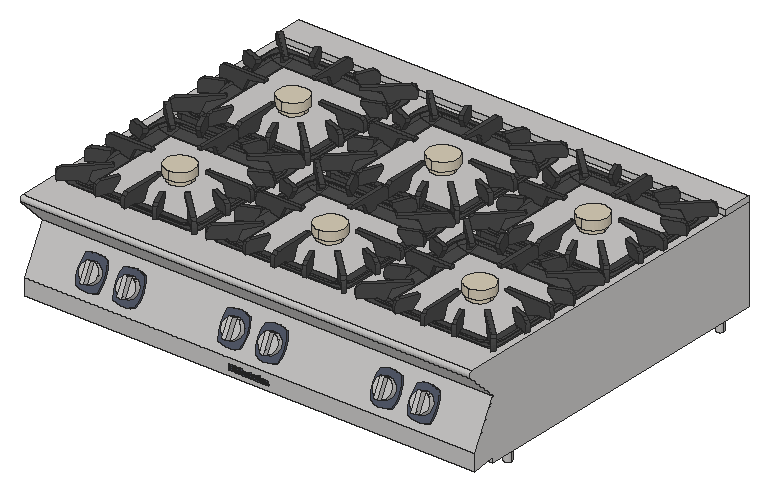
Revit family "QF_ELECTROLUXPROFESSIONAL_391196_E9GCTL6C0M", category Specialty Equipment, Revit 2018 (continued)
Definition of nested family "371009_BURNER"
  Forms (mm)
    Sweep 4, solid
      profile origin (201.328, -92.479, 0) x (0, -1, 0) y (0, 0, 1)
        loop
          line (10, 850.85) -> (10, 832.622) -> (48.75, 832.622) -> (48.75, 838.044) -> (19.596, 845.33) -> (15.145, 850.85) -> (10, 850.85)
    Extrusion 5, solid
      sketch origin (429.181, -89.806, 5) x (0.000597, -1, 0) y (0, 0, 1)
        loop
          arc (366.059, 845.85) -> (367.601, 860.131) -> (364.318, 874.114) r 42.669
          line (364.318, 874.114) -> (355.039, 879.425) -> (249.476, 879.425)
          arc (249.476, 879.425) -> (246.207, 876.242) -> (249.302, 872.889) r 3.27
          line (249.302, 872.889) -> (291.617, 865.249) -> (303.633, 836.503) -> (325.334, 840.33) -> (331.642, 845.85) -> (366.059, 845.85)
      from 224.564 to 234.564
    Extrusion 6, solid
      sketch origin (25.754, -41.087, 5) x (0.999999, 0.001195, 0) y (0, 0, 1)
        loop
          arc (366.059, 845.85) -> (367.601, 860.131) -> (364.318, 874.114) r 42.669
          line (364.318, 874.114) -> (355.039, 879.425) -> (249.476, 879.425)
          arc (249.476, 879.425) -> (246.207, 876.242) -> (249.302, 872.889) r 3.27
          line (249.302, 872.889) -> (291.617, 865.249) -> (303.633, 836.503) -> (325.334, 840.33) -> (331.642, 845.85) -> (366.059, 845.85)
      from 224.564 to 234.564
    Extrusion 7, solid
      sketch origin (-28.973, -447.047, 5) x (-0.001792, 0.999998, 0) y (0, 0, 1)
        loop
          arc (366.059, 845.85) -> (367.601, 860.131) -> (364.318, 874.114) r 42.669
          line (364.318, 874.114) -> (355.039, 879.425) -> (249.476, 879.425)
          arc (249.476, 879.425) -> (246.207, 876.242) -> (249.302, 872.889) r 3.27
          line (249.302, 872.889) -> (291.617, 865.249) -> (303.633, 836.503) -> (325.334, 840.33) -> (331.642, 845.85) -> (366.059, 845.85)
      from 224.564 to 234.564
    Extrusion 8, solid
      sketch origin (113.94, -507.848, 5) x (-0.708584, 0.705627, 0) y (0, 0, 1)
        loop
          arc (366.059, 845.85) -> (367.601, 860.131) -> (364.318, 874.114) r 42.669
          line (364.318, 874.114) -> (355.039, 879.425) -> (249.476, 879.425)
          arc (249.476, 879.425) -> (246.207, 876.242) -> (249.302, 872.889) r 3.27
          line (249.302, 872.889) -> (291.617, 865.249) -> (303.633, 836.503) -> (325.334, 840.33) -> (331.642, 845.85) -> (366.059, 845.85)
      from 224.564 to 234.564
    Extrusion 9, solid
      sketch origin (286.06, -507.848, 5) x (0.708584, 0.705627, 0) y (0, 0, -1)
        loop
          line (366.059, -845.85) -> (331.642, -845.85) -> (325.334, -840.33) -> (303.633, -836.503) -> (291.617, -865.249) -> (249.302, -872.889)
          arc (249.302, -872.889) -> (246.207, -876.242) -> (249.476, -879.425) r 3.27
          line (249.476, -879.425) -> (355.039, -879.425) -> (364.318, -874.114)
          arc (364.318, -874.114) -> (367.601, -860.131) -> (366.059, -845.85) r 42.669
      from 224.564 to 234.564
    Extrusion 10, solid
      sketch origin (113.94, -32.481, 5) x (-0.708584, -0.705627, 0) y (0, 0, -1)
        loop
          line (366.059, -845.85) -> (331.642, -845.85) -> (325.334, -840.33) -> (303.633, -836.503) -> (291.617, -865.249) -> (249.302, -872.889)
          arc (249.302, -872.889) -> (246.207, -876.242) -> (249.476, -879.425) r 3.27
          line (249.476, -879.425) -> (355.039, -879.425) -> (364.318, -874.114)
          arc (364.318, -874.114) -> (367.601, -860.131) -> (366.059, -845.85) r 42.669
      from 224.564 to 234.564
    Extrusion 11, solid
      sketch origin (286.06, -32.481, 5) x (0.708584, -0.705627, 0) y (0, 0, 1)
        loop
          arc (366.059, 845.85) -> (367.601, 860.131) -> (364.318, 874.114) r 42.669
          line (364.318, 874.114) -> (355.039, 879.425) -> (249.476, 879.425)
          arc (249.476, 879.425) -> (246.207, 876.242) -> (249.302, 872.889) r 3.27
          line (249.302, 872.889) -> (291.617, 865.249) -> (303.633, 836.503) -> (325.334, 840.33) -> (331.642, 845.85) -> (366.059, 845.85)
      from 224.564 to 234.564
    Extrusion 12, solid
      sketch origin (0.715, -325.908, 5) x (0.919932, -0.392078, 0) y (0, 0, -1)
        loop
          line (310.039, -879.425) -> (355.039, -879.425) -> (364.373, -873.861)
          arc (364.373, -873.861) -> (367.737, -860.025) -> (366.381, -845.85) r 42.845
          line (366.381, -845.85) -> (331.194, -845.85) -> (328.726, -843.704) -> (310.039, -869.425) -> (310.039, -879.425)
      from 127.064 to 137.064
    Extrusion 13, solid
      sketch origin (0.715, -214.42, 5) x (0.919932, 0.392078, 0) y (0, 0, 1)
        loop
          line (310.039, 879.425) -> (310.039, 869.425) -> (328.726, 843.704) -> (331.194, 845.85) -> (366.381, 845.85)
          arc (366.381, 845.85) -> (367.737, 860.025) -> (364.373, 873.861) r 42.845
          line (364.373, 873.861) -> (355.039, 879.425) -> (310.039, 879.425)
      from 127.064 to 137.064
    Extrusion 14, solid
      sketch origin (399.285, -325.908, 5) x (-0.919932, -0.392078, 0) y (0, 0, 1)
        loop
          line (310.039, 879.425) -> (310.039, 869.425) -> (328.726, 843.704) -> (331.194, 845.85) -> (366.381, 845.85)
          arc (366.381, 845.85) -> (367.737, 860.025) -> (364.373, 873.861) r 42.845
          line (364.373, 873.861) -> (355.039, 879.425) -> (310.039, 879.425)
      from 127.064 to 137.064
    Extrusion 15, solid
      sketch origin (399.285, -214.42, 5) x (-0.919932, 0.392078, 0) y (0, 0, -1)
        loop
          line (310.039, -879.425) -> (355.039, -879.425) -> (364.373, -873.861)
          arc (364.373, -873.861) -> (367.737, -860.025) -> (366.381, -845.85) r 42.845
          line (366.381, -845.85) -> (331.194, -845.85) -> (328.726, -843.704) -> (310.039, -869.425) -> (310.039, -879.425)
      from 127.064 to 137.064
    Extrusion 16, solid
      sketch origin (142.262, -474.771, 5) x (-0.392078, 0.919932, 0) y (0, 0, 1)
        loop
          line (310.039, 879.425) -> (310.039, 869.425) -> (328.726, 843.704) -> (331.194, 845.85) -> (366.381, 845.85)
          arc (366.381, 845.85) -> (367.737, 860.025) -> (364.373, 873.861) r 42.845
          line (364.373, 873.861) -> (355.039, 879.425) -> (310.039, 879.425)
      from 127.064 to 137.064
    Extrusion 17, solid
      sketch origin (257.738, -474.771, 5) x (0.392078, 0.919932, 0) y (0, 0, -1)
        loop
          line (310.039, -879.425) -> (355.039, -879.425) -> (364.373, -873.861)
          arc (364.373, -873.861) -> (367.737, -860.025) -> (366.381, -845.85) r 42.845
          line (366.381, -845.85) -> (331.194, -845.85) -> (328.726, -843.704) -> (310.039, -869.425) -> (310.039, -879.425)
      from 127.064 to 137.064
    Extrusion 18, solid
      sketch origin (142.262, -65.558, 5) x (-0.392078, -0.919932, 0) y (0, 0, -1)
        loop
          line (310.039, -879.425) -> (355.039, -879.425) -> (364.373, -873.861)
          arc (364.373, -873.861) -> (367.737, -860.025) -> (366.381, -845.85) r 42.845
          line (366.381, -845.85) -> (331.194, -845.85) -> (328.726, -843.704) -> (310.039, -869.425) -> (310.039, -879.425)
      from 127.064 to 137.064
    Extrusion 19, solid
      sketch origin (257.738, -65.558, 5) x (0.392078, -0.919932, 0) y (0, 0, 1)
        loop
          line (310.039, 879.425) -> (310.039, 869.425) -> (328.726, 843.704) -> (331.194, 845.85) -> (366.381, 845.85)
          arc (366.381, 845.85) -> (367.737, 860.025) -> (364.373, 873.861) r 42.845
          line (364.373, 873.861) -> (355.039, 879.425) -> (310.039, 879.425)
      from 127.064 to 137.064
    Extrusion 20, void
      sketch origin (0, 0, 0) x (1, 0, 0) y (0, 1, 0)
        loop
          circle (200, -270.164) r 30.752
        loop
          circle (200, -270.164) r 41.586
      from 837.85 to 850.85
  Cuts and joins
    Extrusion 20 cuts Extrusion 2
  Lines and regions (mm)
    symbolic lines
      curve 1: line (195, -78.952, 0) -> (195, -199.886, 0)
      curve 2: line (205, -199.886, 0) -> (205, -78.952, 0)
      curve 3: line (381.096, -81.997, 0) -> (293.175, -169.918, 0)
      curve 4: line (300.246, -176.989, 0) -> (388.167, -89.068, 0)
      curve 5: line (389.433, -186.871, 0) -> (335.749, -209.751, 0)
      curve 6: line (339.669, -218.951, 0) -> (393.354, -196.07, 0)
      curve 7: line (262.407, -139.737, 0) -> (285.28, -86.07, 0)
      curve 8: line (276.081, -82.15, 0) -> (253.208, -135.817, 0)
      curve 9: line (146.792, -135.817, 0) -> (123.942, -82.203, 0)
      curve 10: line (114.743, -86.124, 0) -> (137.593, -139.737, 0)
      curve 11: line (106.825, -169.918, 0) -> (18.591, -81.685, 0)
      curve 12: line (11.52, -88.756, 0) -> (99.754, -176.989, 0)
      curve 13: arc (46.589, -92.479, 0) -> (39.644, -93.463, 0) -> (33.245, -96.338, 0) r 25
      curve 14: arc (21.69, -116.753, 0) -> (22.738, -109.591, 0) -> (25.794, -103.029, 0) r 25
      curve 15: line (46.589, -92.479, 0) -> (117.451, -92.479, 0)
      curve 16: line (128.322, -92.479, 0) -> (195, -92.479, 0)
      curve 17: line (205, -92.479, 0) -> (271.678, -92.479, 0)
      curve 18: line (282.549, -92.479, 0) -> (356.067, -92.479, 0)
      curve 19: arc (367.728, -95.365, 0) -> (362.073, -93.211, 0) -> (356.067, -92.479, 0) r 25
      curve 20: arc (381.067, -117.479, 0) -> (379.632, -109.132, 0) -> (375.493, -101.743, 0) r 25
      curve 21: line (11.52, -88.756, 0) -> (18.591, -81.685, 0)
      curve 22: line (99.754, -176.989, 0) -> (106.825, -169.918, 0)
      curve 23: line (137.593, -139.737, 0) -> (146.792, -135.817, 0)
      curve 24: line (114.743, -86.124, 0) -> (123.942, -82.203, 0)
      curve 25: line (195, -78.952, 0) -> (205, -78.952, 0)
      curve 26: line (195, -199.886, 0) -> (205, -199.886, 0)
      curve 27: line (276.081, -82.15, 0) -> (285.28, -86.07, 0)
      curve 28: line (253.208, -135.817, 0) -> (262.407, -139.737, 0)
      curve 29: line (293.175, -169.918, 0) -> (300.246, -176.989, 0)
      curve 30: line (381.096, -81.997, 0) -> (388.167, -89.068, 0)
      curve 31: line (335.749, -209.751, 0) -> (339.669, -218.951, 0)
      curve 32: line (389.433, -186.871, 0) -> (393.354, -196.07, 0)
      curve 33: line (10.567, -186.871, 0) -> (64.251, -209.751, 0)
      curve 34: line (60.331, -218.951, 0) -> (6.646, -196.07, 0)
      curve 35: line (64.251, -209.751, 0) -> (60.331, -218.951, 0)
      curve 36: line (10.567, -186.871, 0) -> (6.646, -196.07, 0)
      curve 37: line (21.69, -264.886, 0) -> (21.69, -202.482, 0)
      curve 38: line (21.589, -191.568, 0) -> (21.589, -117.479, 0)
      curve 39: line (194.687, -457.85, 0) -> (194.687, -336.281, 0)
      curve 40: line (205, -336.281, 0) -> (205, -457.85, 0)
      curve 41: line (381.409, -458.644, 0) -> (293.175, -370.411, 0)
      curve 42: line (300.246, -363.34, 0) -> (388.48, -451.573, 0)
      curve 43: line (389.433, -353.458, 0) -> (335.749, -330.578, 0)
      curve 44: line (339.669, -321.378, 0) -> (393.354, -344.259, 0)
      curve 45: line (262.407, -400.591, 0) -> (285.276, -454.249, 0)
      curve 46: line (276.077, -458.17, 0) -> (253.208, -404.512, 0)
      curve 47: line (146.792, -404.512, 0) -> (123.794, -458.473, 0)
      curve 48: line (114.594, -454.553, 0) -> (137.593, -400.591, 0)
      curve 49: line (106.825, -370.411, 0) -> (18.591, -458.644, 0)
      curve 50: line (11.52, -451.573, 0) -> (99.754, -363.34, 0)
      curve 51: arc (46.589, -447.85, 0) -> (39.644, -446.865, 0) -> (33.245, -443.99, 0) r 25
      curve 52: arc (21.69, -423.575, 0) -> (22.738, -430.738, 0) -> (25.794, -437.3, 0) r 25
      curve 53: line (46.589, -447.85, 0) -> (117.451, -447.85, 0)
      curve 54: line (128.322, -447.85, 0) -> (194.687, -447.85, 0)
      curve 55: line (205, -447.85, 0) -> (271.678, -447.85, 0)
      curve 56: line (282.549, -447.85, 0) -> (356.067, -447.85, 0)
      curve 57: arc (367.728, -444.963, 0) -> (362.073, -447.117, 0) -> (356.067, -447.85, 0) r 25
      curve 58: arc (381.067, -422.85, 0) -> (379.632, -431.197, 0) -> (375.493, -438.586, 0) r 25
      curve 59: line (11.52, -451.573, 0) -> (18.591, -458.644, 0)
      curve 60: line (99.754, -363.34, 0) -> (106.825, -370.411, 0)
      curve 61: line (137.593, -400.591, 0) -> (146.792, -404.512, 0)
      curve 62: line (114.594, -454.553, 0) -> (123.794, -458.473, 0)
      curve 63: line (194.687, -457.85, 0) -> (205, -457.85, 0)
      curve 64: line (194.687, -336.281, 0) -> (205, -336.281, 0)
      curve 65: line (276.077, -458.17, 0) -> (285.276, -454.249, 0)
      curve 66: line (253.208, -404.512, 0) -> (262.407, -400.591, 0)
      curve 67: line (293.175, -370.411, 0) -> (300.246, -363.34, 0)
      curve 68: line (381.409, -458.644, 0) -> (388.48, -451.573, 0)
      curve 69: line (335.749, -330.578, 0) -> (339.669, -321.378, 0)
      curve 70: line (389.433, -353.458, 0) -> (393.354, -344.259, 0)
      curve 71: line (10.548, -353.466, 0) -> (64.251, -330.578, 0)
      curve 72: line (60.331, -321.378, 0) -> (6.627, -344.267, 0)
      curve 73: line (64.251, -330.578, 0) -> (60.331, -321.378, 0)
      curve 74: line (10.548, -353.466, 0) -> (6.627, -344.267, 0)
      curve 75: line (21.69, -274.886, 0) -> (21.69, -337.847, 0)
      curve 76: line (21.589, -348.76, 0) -> (21.589, -422.85, 0)
      curve 77: line (127.734, -264.886, 0) -> (5.712, -264.886, 0)
      curve 78: line (5.712, -274.886, 0) -> (127.734, -274.886, 0)
      curve 79: line (5.712, -264.886, 0) -> (5.712, -274.886, 0)
      curve 80: line (127.734, -264.886, 0) -> (127.734, -274.886, 0)
      curve 81: line (381.067, -117.479, 0) -> (381.067, -190.436, 0)
      curve 82: line (381.066, -201.307, 0) -> (381.066, -267.386, 0)
      curve 83: line (381.067, -277.386, 0) -> (381.067, -339.022, 0)
      curve 84: line (381.067, -349.892, 0) -> (381.067, -422.85, 0)
      curve 85: arc (199.385, -308.177, 0) -> (237.397, -270.164, 0) -> (199.385, -232.152, 0) r 38.013
      curve 86: arc (199.385, -232.152, 0) -> (161.372, -270.164, 0) -> (199.385, -308.177, 0) r 38.013
      curve 87: arc (121.795, -264.886, 0) -> (142.994, -211.615, 0) -> (195, -187.476, 0) r 77.53
      curve 88: arc (205, -187.594, 0) -> (256.096, -212.13, 0) -> (276.824, -264.886, 0) r 77.5
      curve 89: line (121.824, -274.886, 0) -> (121.824, -421.795, 0)
      curve 90: line (278.176, -274.886, 0) -> (278.176, -421.795, 0)
      curve 91: line (251.176, -269.953, 0) -> (251.176, -421.795, 0)
      curve 92: line (148.824, -269.953, 0) -> (148.824, -421.795, 0)
      curve 93: arc (251.176, -269.953, 0) -> (200, -218.777, 0) -> (148.824, -269.953, 0) r 51.176
      curve 94: arc (205, -386.627, 0) -> (225, -362.132, 0) -> (205, -337.637, 0) r 25
      curve 95: line (162.157, -277.847, 0) -> (162.157, -421.795, 0)
      curve 96: line (272.266, -264.886, 0) -> (394.288, -264.886, 0)
      curve 97: line (394.288, -274.886, 0) -> (272.266, -274.886, 0)
      curve 98: line (394.288, -264.886, 0) -> (394.288, -274.886, 0)
      curve 99: line (272.266, -264.886, 0) -> (272.266, -274.886, 0)
      curve 100: arc (194.687, -337.703, 0) -> (175, -362.132, 0) -> (194.687, -386.561, 0) r 25
      curve 101: line (236.593, -277.847, 0) -> (236.593, -421.795, 0)
      curve 102: line (70.339, -392.754, 0) -> (70.339, -274.886, 0)
      curve 103: line (69.783, -264.886, 0) -> (69.783, -147.018, 0)
      curve 104: line (78.136, -141.229, 0) -> (195, -141.229, 0)
      curve 105: line (205, -141.229, 0) -> (321.864, -141.229, 0)
      curve 106: line (332.317, -144.919, 0) -> (332.317, -395.41, 0)
      curve 107: arc (48.638, -142.479, 0) -> (49.625, -135.821, 0) -> (52.501, -129.736, 0) r 22.951
      curve 108: line (71.589, -119.528, 0) -> (128.98, -119.528, 0)
      curve 109: line (48.638, -398.844, 0) -> (48.638, -337.232, 0)
      curve 110: line (354.018, -142.479, 0) -> (354.018, -268.844, 0)
      curve 111: arc (331.067, -119.528, 0) -> (336.271, -120.126, 0) -> (341.205, -121.889, 0) r 22.951
      curve 112: line (331.067, -421.795, 0) -> (271.444, -421.795, 0)
      curve 113: arc (71.589, -421.795, 0) -> (65.089, -420.856, 0) -> (59.122, -418.114, 0) r 22.951
      curve 114: arc (354.018, -398.844, 0) -> (352.851, -406.07, 0) -> (349.468, -412.561, 0) r 22.951
      curve 115: arc (341.862, -419.098, 0) -> (336.631, -421.111, 0) -> (331.067, -421.795, 0) r 22.951
      curve 116: line (354.018, -333.844, 0) -> (354.018, -398.844, 0)
      curve 117: line (354.018, -268.844, 0) -> (354.018, -333.844, 0)
      curve 118: line (260.574, -421.795, 0) -> (205, -421.795, 0)
      curve 119: line (194.687, -421.795, 0) -> (139.426, -421.795, 0)
      curve 120: line (128.556, -421.795, 0) -> (71.589, -421.795, 0)
      curve 121: arc (52.111, -410.983, 0) -> (49.523, -405.157, 0) -> (48.638, -398.844, 0) r 22.951
      curve 122: line (48.638, -326.362, 0) -> (48.638, -274.886, 0)
      curve 123: line (48.638, -264.886, 0) -> (48.638, -213.967, 0)
      curve 124: line (48.638, -203.097, 0) -> (48.638, -142.479, 0)
      curve 125: arc (59.734, -122.827, 0) -> (65.436, -120.368, 0) -> (71.589, -119.528, 0) r 22.951
      curve 126: line (139.85, -119.528, 0) -> (195, -119.528, 0)
      curve 127: line (205, -119.528, 0) -> (260.15, -119.528, 0)
      curve 128: line (271.02, -119.528, 0) -> (331.067, -119.528, 0)
      curve 129: arc (349.035, -128.2, 0) -> (352.736, -134.918, 0) -> (354.018, -142.479, 0) r 22.951
  Dimensions and locks
    equal spacing: plane 3 "LEFT", plane 7 "Center Y", plane 4 "RIGHT"
    plane 3 "LEFT" to plane 4 "RIGHT" = 800.000 mm
    equal spacing: plane 5 "FRONT", plane 8 "Center X", plane 1 "BACK"
    plane 5 "FRONT" to plane 1 "BACK" = 746.000 mm
    plane 6 "TOP" to level = 908.850 mm
    plane 9 "Base" to level = 150.000 mm
    plane 6 "TOP" to plane 10 = 58.000 mm  (x2)
    Extrusion 1 to Extrusion 8 = 13.000 mm
    aligned and locked: level to plane 2
    aligned and locked: plane 10 to Extrusion 20
    aligned and locked: Extrusion 20 to Extrusion 2
    aligned and locked: Extrusion 16 to plane 10
    aligned and locked: Extrusion 7 to plane 10
    aligned and locked: Extrusion 17 to plane 10
    aligned and locked: Extrusion 9 to plane 10
    aligned and locked: plane 10 to Extrusion 1
    aligned and locked: Extrusion 10 to plane 10
    aligned and locked: Extrusion 18 to Extrusion 10
    aligned and locked: Extrusion 5 to Extrusion 1
    aligned and locked: Extrusion 19 to Extrusion 1
    aligned and locked: Extrusion 11 to Extrusion 10
    aligned and locked: Extrusion 14 to plane 10
    aligned and locked: Extrusion 12 to Extrusion 1
    aligned and locked: Extrusion 15 to Extrusion 1
    aligned and locked: Extrusion 3 to plane 10
    aligned and locked: Extrusion 6 to plane 10
  Automatic sketch dimensions
    Extrusion 1 sketch curve to plane 13 = 20.000 mm  (x2)
    plane 1 "BACK" to Extrusion 1 sketch curve = 92.479 mm
    Extrusion 1 sketch curve to Extrusion 1 sketch curve = 10.000 mm
    Extrusion 1 sketch curve to plane 7 "Center Y" = 18.933 mm
    Extrusion 1 sketch curve to Extrusion 1 sketch curve = 25.000 mm  (x6)
    plane 13 to Extrusion 1 sketch curve = 5.000 mm
    Extrusion 1 sketch curve to plane 13 = 5.000 mm
    Extrusion 1 sketch curve to plane 8 "Center X" = 25.844 mm  (x2)
    Extrusion 1 sketch curve to Extrusion 1 sketch curve = 15.000 mm
    plane 15 to Extrusion 2 sketch curve = 0.000 mm
    Extrusion 2 sketch curve to plane 12 = 0.615 mm
    plane 10 to Extrusion 3 sketch curve = 27.039 mm
    Extrusion 3 sketch curve to plane 12 = 75.331 mm
    Extrusion 3 sketch curve to Extrusion 3 sketch curve = 0.174 mm
    plane 10 to Extrusion 3 sketch curve = 19.399 mm
    Extrusion 3 sketch curve to Extrusion 3 sketch curve = 42.315 mm
    plane 17 to Extrusion 3 sketch curve = 3.653 mm
    Extrusion 3 sketch curve to Extrusion 3 sketch curve = 12.015 mm
    Extrusion 3 sketch curve to plane 10 = 5.520 mm
    Extrusion 3 sketch curve to Extrusion 3 sketch curve = 21.701 mm
    Extrusion 3 sketch curve to Extrusion 3 sketch curve = 0.321 mm
    plane 10 to Extrusion 3 sketch curve = 0.000 mm
    Extrusion 3 sketch curve to plane 13 = 15.740 mm
    plane 13 to Extrusion 3 sketch curve = 7.656 mm
    plane 3 "LEFT" to Extrusion 3 sketch curve = 9.654 mm
    plane 3 "LEFT" to Extrusion 3 sketch curve = 7.913 mm
    plane 10 to Extrusion 3 sketch curve = 11.657 mm
    Extrusion 3 sketch curve to Extrusion 3 sketch curve = 3.266 mm
    plane 13 to Sweep 4 sketch curve = 5.000 mm
    Sweep 4 sketch curve to plane 13 = 45.000 mm  (x2)
    Sweep 4 sketch curve to plane 7 "Center Y" = 68.933 mm  (x2)
    Sweep 4 sketch curve to plane 7 "Center Y" = 18.933 mm
    Sweep 4 sketch curve to plane 8 "Center X" = 75.844 mm
    Sweep 4 sketch curve to plane 15 = 127.685 mm
    Sweep 4 sketch curve to profile plane = 10.000 mm
    Sweep 4 sketch curve to Sweep 4 sketch curve = 5.145 mm
    Sweep 4 sketch curve to Sweep 4 sketch curve = 4.452 mm
    Sweep 4 sketch curve to Sweep 4 sketch curve = 29.154 mm
    level to Sweep 4 sketch curve = 832.622 mm
    Sweep 4 sketch curve to Sweep 4 sketch curve = 5.422 mm
    Sweep 4 sketch curve to Sweep 4 sketch curve = 12.707 mm
    Sweep 4 sketch curve to Sweep 4 sketch curve = 18.228 mm
    plane 10 to Extrusion 5 sketch curve = 27.039 mm
    Extrusion 5 sketch curve to Extrusion 5 sketch curve = 0.174 mm
    plane 10 to Extrusion 5 sketch curve = 19.399 mm
    Extrusion 5 sketch curve to Extrusion 5 sketch curve = 42.315 mm
    plane 17 to Extrusion 5 sketch curve = 3.653 mm
    Extrusion 5 sketch curve to Extrusion 5 sketch curve = 12.015 mm
    Extrusion 5 sketch curve to plane 10 = 5.520 mm
    Extrusion 5 sketch curve to Extrusion 5 sketch curve = 21.701 mm
    Extrusion 5 sketch curve to Extrusion 5 sketch curve = 0.321 mm
    plane 10 to Extrusion 5 sketch curve = 0.000 mm
    Extrusion 5 sketch curve to Extrusion 5 sketch curve = 6.629 mm
    Extrusion 5 sketch curve to plane 6 "TOP" = 24.425 mm
    Extrusion 5 sketch curve to Extrusion 5 sketch curve = 23.396 mm
    Extrusion 5 sketch curve to Extrusion 5 sketch curve = 9.279 mm
    Extrusion 5 sketch curve to Extrusion 5 sketch curve = 1.741 mm
    plane 10 to Extrusion 5 sketch curve = 11.657 mm
    plane 10 to Extrusion 6 sketch curve = 27.039 mm
    Extrusion 6 sketch curve to Extrusion 6 sketch curve = 0.174 mm
    plane 10 to Extrusion 6 sketch curve = 19.399 mm
    Extrusion 6 sketch curve to Extrusion 6 sketch curve = 42.315 mm
    plane 17 to Extrusion 6 sketch curve = 3.653 mm
    Extrusion 6 sketch curve to Extrusion 6 sketch curve = 12.015 mm
    Extrusion 6 sketch curve to plane 10 = 5.520 mm
    Extrusion 6 sketch curve to Extrusion 6 sketch curve = 21.701 mm
    Extrusion 6 sketch curve to Extrusion 6 sketch curve = 0.321 mm
    plane 10 to Extrusion 6 sketch curve = 0.000 mm
    Extrusion 6 sketch curve to Extrusion 6 sketch curve = 6.629 mm
    Extrusion 6 sketch curve to plane 6 "TOP" = 24.425 mm
    Extrusion 6 sketch curve to Extrusion 6 sketch curve = 23.396 mm
    Extrusion 6 sketch curve to Extrusion 6 sketch curve = 9.279 mm
    Extrusion 6 sketch curve to Extrusion 6 sketch curve = 1.741 mm
    plane 10 to Extrusion 6 sketch curve = 11.657 mm
    plane 10 to Extrusion 7 sketch curve = 27.039 mm
    Extrusion 7 sketch curve to Extrusion 7 sketch curve = 0.174 mm
    plane 10 to Extrusion 7 sketch curve = 19.399 mm
    Extrusion 7 sketch curve to Extrusion 7 sketch curve = 42.315 mm
    plane 17 to Extrusion 7 sketch curve = 3.653 mm
    Extrusion 7 sketch curve to Extrusion 7 sketch curve = 12.015 mm
    Extrusion 7 sketch curve to plane 10 = 5.520 mm
    Extrusion 7 sketch curve to Extrusion 7 sketch curve = 21.701 mm
    Extrusion 7 sketch curve to Extrusion 7 sketch curve = 0.321 mm
    plane 10 to Extrusion 7 sketch curve = 0.000 mm
    Extrusion 7 sketch curve to Extrusion 7 sketch curve = 6.629 mm
    Extrusion 7 sketch curve to plane 6 "TOP" = 24.425 mm
    Extrusion 7 sketch curve to Extrusion 7 sketch curve = 23.396 mm
    Extrusion 7 sketch curve to Extrusion 7 sketch curve = 9.279 mm
    Extrusion 7 sketch curve to Extrusion 7 sketch curve = 1.741 mm
    plane 10 to Extrusion 7 sketch curve = 11.657 mm
    plane 10 to Extrusion 8 sketch curve = 27.039 mm
    Extrusion 8 sketch curve to Extrusion 8 sketch curve = 0.174 mm
    plane 10 to Extrusion 8 sketch curve = 19.399 mm
    Extrusion 8 sketch curve to Extrusion 8 sketch curve = 42.315 mm
    plane 17 to Extrusion 8 sketch curve = 3.653 mm
    Extrusion 8 sketch curve to Extrusion 8 sketch curve = 12.015 mm
    Extrusion 8 sketch curve to plane 10 = 5.520 mm
    Extrusion 8 sketch curve to Extrusion 8 sketch curve = 21.701 mm
    Extrusion 8 sketch curve to Extrusion 8 sketch curve = 0.321 mm
    plane 10 to Extrusion 8 sketch curve = 0.000 mm
    Extrusion 8 sketch curve to Extrusion 8 sketch curve = 6.629 mm
    Extrusion 8 sketch curve to plane 6 "TOP" = 24.425 mm
    Extrusion 8 sketch curve to Extrusion 8 sketch curve = 23.396 mm
    Extrusion 8 sketch curve to Extrusion 8 sketch curve = 9.279 mm
    Extrusion 8 sketch curve to Extrusion 8 sketch curve = 1.741 mm
    plane 10 to Extrusion 8 sketch curve = 11.657 mm
    plane 10 to Extrusion 9 sketch curve = 27.039 mm
    Extrusion 9 sketch curve to Extrusion 9 sketch curve = 0.174 mm
    plane 10 to Extrusion 9 sketch curve = 19.399 mm
    Extrusion 9 sketch curve to Extrusion 9 sketch curve = 42.315 mm
    plane 17 to Extrusion 9 sketch curve = 3.653 mm
    Extrusion 9 sketch curve to Extrusion 9 sketch curve = 12.015 mm
    Extrusion 9 sketch curve to plane 10 = 5.520 mm
    Extrusion 9 sketch curve to Extrusion 9 sketch curve = 21.701 mm
    Extrusion 9 sketch curve to Extrusion 9 sketch curve = 0.321 mm
    plane 10 to Extrusion 9 sketch curve = 0.000 mm
    Extrusion 9 sketch curve to Extrusion 9 sketch curve = 6.629 mm
    Extrusion 9 sketch curve to plane 6 "TOP" = 24.425 mm
    Extrusion 9 sketch curve to Extrusion 9 sketch curve = 23.396 mm
    Extrusion 9 sketch curve to Extrusion 9 sketch curve = 9.279 mm
    Extrusion 9 sketch curve to Extrusion 9 sketch curve = 1.741 mm
    Extrusion 9 sketch curve to Extrusion 9 sketch curve = 5.311 mm
    plane 10 to Extrusion 10 sketch curve = 27.039 mm
    Extrusion 10 sketch curve to Extrusion 10 sketch curve = 0.174 mm
    plane 10 to Extrusion 10 sketch curve = 19.399 mm
    Extrusion 10 sketch curve to Extrusion 10 sketch curve = 42.315 mm
    plane 17 to Extrusion 10 sketch curve = 3.653 mm
    Extrusion 10 sketch curve to Extrusion 10 sketch curve = 12.015 mm
    Extrusion 10 sketch curve to plane 10 = 5.520 mm
    Extrusion 10 sketch curve to Extrusion 10 sketch curve = 21.701 mm
    Extrusion 10 sketch curve to Extrusion 10 sketch curve = 0.321 mm
    plane 10 to Extrusion 10 sketch curve = 0.000 mm
    Extrusion 10 sketch curve to Extrusion 10 sketch curve = 6.629 mm
    Extrusion 10 sketch curve to plane 6 "TOP" = 24.425 mm
    Extrusion 10 sketch curve to Extrusion 10 sketch curve = 23.396 mm
    Extrusion 10 sketch curve to Extrusion 10 sketch curve = 9.279 mm
    Extrusion 10 sketch curve to Extrusion 10 sketch curve = 1.741 mm
    Extrusion 10 sketch curve to Extrusion 10 sketch curve = 5.311 mm
    plane 10 to Extrusion 11 sketch curve = 27.039 mm
    Extrusion 11 sketch curve to Extrusion 11 sketch curve = 0.174 mm
    plane 10 to Extrusion 11 sketch curve = 19.399 mm
    Extrusion 11 sketch curve to Extrusion 11 sketch curve = 42.315 mm
    plane 17 to Extrusion 11 sketch curve = 3.653 mm
    Extrusion 11 sketch curve to Extrusion 11 sketch curve = 12.015 mm
    Extrusion 11 sketch curve to plane 10 = 5.520 mm
    Extrusion 11 sketch curve to Extrusion 11 sketch curve = 21.701 mm
    Extrusion 11 sketch curve to Extrusion 11 sketch curve = 0.321 mm
    plane 10 to Extrusion 11 sketch curve = 0.000 mm
    Extrusion 11 sketch curve to Extrusion 11 sketch curve = 6.629 mm
    Extrusion 11 sketch curve to plane 6 "TOP" = 24.425 mm
    Extrusion 11 sketch curve to Extrusion 11 sketch curve = 23.396 mm
    Extrusion 11 sketch curve to Extrusion 11 sketch curve = 9.279 mm
    Extrusion 11 sketch curve to Extrusion 11 sketch curve = 1.741 mm
    plane 10 to Extrusion 11 sketch curve = 11.657 mm
    Extrusion 12 sketch curve to plane 6 "TOP" = 24.425 mm
    Extrusion 12 sketch curve to Extrusion 12 sketch curve = 14.963 mm
    Extrusion 12 sketch curve to plane 10 = 2.146 mm
    Extrusion 12 sketch curve to Extrusion 12 sketch curve = 3.724 mm
    plane 10 to Extrusion 12 sketch curve = 0.000 mm
    Extrusion 12 sketch curve to Extrusion 12 sketch curve = 2.468 mm
    Extrusion 12 sketch curve to Extrusion 12 sketch curve = 23.844 mm
    Extrusion 12 sketch curve to plane 6 "TOP" = 29.989 mm
    Extrusion 12 sketch curve to Extrusion 12 sketch curve = 9.334 mm
    Extrusion 12 sketch curve to Extrusion 12 sketch curve = 2.009 mm
    Extrusion 12 sketch curve to Extrusion 12 sketch curve = 10.000 mm
    Extrusion 13 sketch curve to plane 6 "TOP" = 24.425 mm
    Extrusion 13 sketch curve to Extrusion 13 sketch curve = 14.963 mm
    Extrusion 13 sketch curve to plane 10 = 2.146 mm
    Extrusion 13 sketch curve to Extrusion 13 sketch curve = 3.724 mm
    plane 10 to Extrusion 13 sketch curve = 0.000 mm
    Extrusion 13 sketch curve to Extrusion 13 sketch curve = 2.468 mm
    Extrusion 13 sketch curve to Extrusion 13 sketch curve = 23.844 mm
    Extrusion 13 sketch curve to plane 6 "TOP" = 29.989 mm
    Extrusion 13 sketch curve to Extrusion 13 sketch curve = 9.334 mm
    Extrusion 13 sketch curve to Extrusion 13 sketch curve = 2.009 mm
    Extrusion 13 sketch curve to Extrusion 13 sketch curve = 10.000 mm
    Extrusion 14 sketch curve to plane 6 "TOP" = 24.425 mm
    Extrusion 14 sketch curve to Extrusion 14 sketch curve = 14.963 mm
    Extrusion 14 sketch curve to plane 10 = 2.146 mm
    Extrusion 14 sketch curve to Extrusion 14 sketch curve = 3.724 mm
    plane 10 to Extrusion 14 sketch curve = 0.000 mm
    Extrusion 14 sketch curve to Extrusion 14 sketch curve = 2.468 mm
    Extrusion 14 sketch curve to Extrusion 14 sketch curve = 23.844 mm
    Extrusion 14 sketch curve to plane 6 "TOP" = 29.989 mm
    Extrusion 14 sketch curve to Extrusion 14 sketch curve = 9.334 mm
    Extrusion 14 sketch curve to Extrusion 14 sketch curve = 2.009 mm
    Extrusion 14 sketch curve to Extrusion 14 sketch curve = 10.000 mm
    Extrusion 15 sketch curve to plane 6 "TOP" = 24.425 mm
    Extrusion 15 sketch curve to Extrusion 15 sketch curve = 14.963 mm
    Extrusion 15 sketch curve to plane 10 = 2.146 mm
    Extrusion 15 sketch curve to Extrusion 15 sketch curve = 3.724 mm
    plane 10 to Extrusion 15 sketch curve = 0.000 mm
    Extrusion 15 sketch curve to Extrusion 15 sketch curve = 2.468 mm
    Extrusion 15 sketch curve to Extrusion 15 sketch curve = 23.844 mm
    Extrusion 15 sketch curve to plane 6 "TOP" = 29.989 mm
    Extrusion 15 sketch curve to Extrusion 15 sketch curve = 9.334 mm
    Extrusion 15 sketch curve to Extrusion 15 sketch curve = 2.009 mm
    Extrusion 15 sketch curve to Extrusion 15 sketch curve = 10.000 mm
    Extrusion 16 sketch curve to plane 6 "TOP" = 24.425 mm
    Extrusion 16 sketch curve to Extrusion 16 sketch curve = 14.963 mm
    Extrusion 16 sketch curve to plane 10 = 2.146 mm
    Extrusion 16 sketch curve to Extrusion 16 sketch curve = 3.724 mm
    plane 10 to Extrusion 16 sketch curve = 0.000 mm
    Extrusion 16 sketch curve to Extrusion 16 sketch curve = 2.468 mm
    Extrusion 16 sketch curve to Extrusion 16 sketch curve = 23.844 mm
    Extrusion 16 sketch curve to plane 6 "TOP" = 29.989 mm
    Extrusion 16 sketch curve to Extrusion 16 sketch curve = 9.334 mm
    Extrusion 16 sketch curve to Extrusion 16 sketch curve = 2.009 mm
    Extrusion 16 sketch curve to Extrusion 16 sketch curve = 10.000 mm
    Extrusion 17 sketch curve to plane 6 "TOP" = 24.425 mm
    Extrusion 17 sketch curve to Extrusion 17 sketch curve = 14.963 mm
    Extrusion 17 sketch curve to plane 10 = 2.146 mm
    Extrusion 17 sketch curve to Extrusion 17 sketch curve = 3.724 mm
    plane 10 to Extrusion 17 sketch curve = 0.000 mm
    Extrusion 17 sketch curve to Extrusion 17 sketch curve = 2.468 mm
    Extrusion 17 sketch curve to Extrusion 17 sketch curve = 23.844 mm
    Extrusion 17 sketch curve to plane 6 "TOP" = 29.989 mm
    Extrusion 17 sketch curve to Extrusion 17 sketch curve = 9.334 mm
    Extrusion 17 sketch curve to Extrusion 17 sketch curve = 2.009 mm
    Extrusion 17 sketch curve to Extrusion 17 sketch curve = 10.000 mm
    Extrusion 18 sketch curve to plane 6 "TOP" = 24.425 mm
    Extrusion 18 sketch curve to Extrusion 18 sketch curve = 14.963 mm
    Extrusion 18 sketch curve to plane 10 = 2.146 mm
    Extrusion 18 sketch curve to Extrusion 18 sketch curve = 3.724 mm
    plane 10 to Extrusion 18 sketch curve = 0.000 mm
    Extrusion 18 sketch curve to Extrusion 18 sketch curve = 2.468 mm
    Extrusion 18 sketch curve to Extrusion 18 sketch curve = 23.844 mm
    Extrusion 18 sketch curve to plane 6 "TOP" = 29.989 mm
    Extrusion 18 sketch curve to Extrusion 18 sketch curve = 9.334 mm
    Extrusion 18 sketch curve to Extrusion 18 sketch curve = 2.009 mm
    Extrusion 18 sketch curve to Extrusion 18 sketch curve = 10.000 mm
    Extrusion 19 sketch curve to plane 6 "TOP" = 24.425 mm
    Extrusion 19 sketch curve to Extrusion 19 sketch curve = 14.963 mm
    Extrusion 19 sketch curve to plane 10 = 2.146 mm
    Extrusion 19 sketch curve to Extrusion 19 sketch curve = 3.724 mm
    plane 10 to Extrusion 19 sketch curve = 0.000 mm
    Extrusion 19 sketch curve to Extrusion 19 sketch curve = 2.468 mm
    Extrusion 19 sketch curve to Extrusion 19 sketch curve = 23.844 mm
    Extrusion 19 sketch curve to plane 6 "TOP" = 29.989 mm
    Extrusion 19 sketch curve to Extrusion 19 sketch curve = 9.334 mm
    Extrusion 19 sketch curve to Extrusion 19 sketch curve = 2.009 mm
    Extrusion 19 sketch curve to Extrusion 19 sketch curve = 10.000 mm
    Extrusion 20 sketch curve to Extrusion 20 sketch curve = 0.000 mm  (x2)
    Extrusion 20 sketch curve to plane 12 = 0.000 mm
    plane 15 to Extrusion 20 sketch curve = 0.000 mm
    curve 19 to curve 20 = 0.000 mm  (x2)
    curve 57 to curve 58 = 0.000 mm  (x2)
    curve 94 to curve 100 = 0.000 mm  (x2)
    curve 107 to curve 125 = 0.000 mm  (x2)
    curve 111 to curve 129 = 0.000 mm  (x2)
    curve 113 to curve 121 = 0.000 mm  (x2)
    curve 114 to curve 115 = 0.000 mm  (x2)
    plane 15 to curve 85 = 0.000 mm
    curve 93 to plane 12 = 0.000 mm
    curve 94 to plane 12 = 0.000 mm
    curve 86 to plane 12 = 0.615 mm
    curve 87 to plane 12 = 0.675 mm
    curve 88 to curve 87 = 0.001 mm
    curve 104 to plane 12 = 5.000 mm
    curve 64 to plane 12 = 5.313 mm
    plane 15 to curve 95 = 7.683 mm
    curve 95 to plane 12 = 37.843 mm
    curve 92 to curve 95 = 13.333 mm
    curve 23 to curve 104 = 48.208 mm
    curve 47 to curve 92 = 2.032 mm
    curve 126 to curve 9 = 6.942 mm
    curve 119 to curve 92 = 9.398 mm
    curve 10 to curve 9 = 9.199 mm
    curve 61 to plane 8 "Center X" = 27.591 mm
    curve 61 to curve 47 = 9.199 mm
    curve 108 to curve 126 = 10.870 mm
    curve 120 to curve 119 = 10.870 mm
    curve 54 to curve 120 = 0.234 mm
    curve 16 to curve 108 = 0.658 mm
    curve 77 to plane 15 = 5.279 mm
    curve 77 to curve 92 = 21.090 mm
    curve 9 to curve 16 = 4.380 mm
    curve 47 to curve 54 = 4.528 mm
    curve 89 to curve 120 = 6.732 mm
    curve 87 to curve 77 = 5.940 mm
    curve 10 to curve 15 = 2.709 mm
    curve 48 to curve 53 = 2.857 mm
    curve 22 to curve 10 = 30.768 mm
    plane 8 "Center X" to curve 60 = 2.589 mm
    curve 60 to curve 48 = 30.768 mm
    curve 22 to curve 11 = 7.071 mm
    plane 8 "Center X" to curve 60 = 9.660 mm
    curve 60 to curve 49 = 7.071 mm
    curve 104 to curve 11 = 28.689 mm
    curve 113 to plane 13 = 45.000 mm
    curve 125 to curve 104 = 6.547 mm
    curve 102 to curve 121 = 1.250 mm
    curve 103 to curve 125 = 1.806 mm
    curve 71 to plane 13 = 37.662 mm
    curve 33 to plane 13 = 37.662 mm
    curve 34 to curve 33 = 3.921 mm
    curve 73 to curve 71 = 3.921 mm
    curve 125 to curve 108 = 11.855 mm
    curve 113 to curve 120 = 12.467 mm
    curve 107 to curve 125 = 7.233 mm
    curve 121 to curve 113 = 7.011 mm
    plane 15 to curve 122 = 4.721 mm
    curve 122 to curve 102 = 21.701 mm
    curve 109 to curve 122 = 0.000 mm
    curve 107 to curve 107 = 3.863 mm
    curve 123 to curve 124 = 0.000 mm
    curve 14 to curve 107 = 5.811 mm
    curve 52 to curve 113 = 12.432 mm
    curve 51 to plane 13 = 20.000 mm
    curve 15 to plane 13 = 20.000 mm
    curve 51 to plane 13 = 6.656 mm
    curve 13 to plane 13 = 6.656 mm
    plane 13 to curve 52 = 0.795 mm
    plane 13 to curve 14 = 0.795 mm
    plane 13 to curve 52 = 4.899 mm
    plane 13 to curve 37 = 4.899 mm
    plane 13 to curve 14 = 4.899 mm
    plane 13 to curve 75 = 4.899 mm
    curve 76 to curve 52 = 0.101 mm
    curve 38 to curve 14 = 0.101 mm
    plane 13 to curve 49 = 7.998 mm
    plane 13 to curve 11 = 7.998 mm
    plane 3 "LEFT" to curve 36 = 10.567 mm
    plane 3 "LEFT" to curve 74 = 10.548 mm
    plane 3 "LEFT" to curve 77 = 5.712 mm
    plane 12 to curve 63 = 5.000 mm
    plane 12 to curve 127 = 5.000 mm
    plane 15 to curve 101 = 7.683 mm
    curve 101 to curve 91 = 14.583 mm
    curve 91 to curve 66 = 2.032 mm
    curve 8 to curve 127 = 6.942 mm
    curve 91 to curve 118 = 9.398 mm
    curve 66 to plane 8 "Center X" = 27.591 mm
    curve 46 to curve 66 = 9.199 mm
    curve 8 to curve 28 = 9.199 mm
    curve 127 to curve 128 = 10.870 mm
    curve 118 to curve 112 = 10.870 mm
    curve 128 to curve 17 = 0.658 mm
    curve 112 to curve 55 = 0.234 mm
    plane 15 to curve 99 = 4.721 mm
    curve 91 to curve 99 = 21.090 mm
    curve 55 to curve 65 = 4.398 mm
    curve 17 to curve 27 = 4.402 mm
    curve 96 to curve 88 = 4.558 mm
    curve 97 to curve 90 = 5.910 mm
    curve 18 to curve 7 = 2.731 mm
    curve 56 to curve 45 = 2.727 mm
    plane 8 "Center X" to curve 41 = 2.589 mm
    curve 45 to curve 41 = 30.768 mm
    curve 7 to curve 29 = 30.768 mm
    curve 3 to curve 29 = 7.071 mm
    plane 8 "Center X" to curve 42 = 9.660 mm
    curve 41 to curve 42 = 7.071 mm
    curve 3 to curve 105 = 28.689 mm
    curve 42 to curve 115 = 30.820 mm
    curve 105 to curve 111 = 9.203 mm
    curve 114 to curve 106 = 1.250 mm
    curve 42 to curve 43 = 35.502 mm
    curve 4 to curve 5 = 35.502 mm
    curve 31 to plane 15 = 51.214 mm
    curve 5 to curve 31 = 3.921 mm
    plane 15 to curve 44 = 51.214 mm
    curve 43 to curve 44 = 3.921 mm
    curve 111 to curve 111 = 10.138 mm
    curve 112 to curve 115 = 10.796 mm
    curve 111 to curve 129 = 7.830 mm
    curve 115 to curve 114 = 7.605 mm
    curve 129 to curve 129 = 4.983 mm
    curve 115 to curve 56 = 14.204 mm
    curve 111 to curve 18 = 14.862 mm
    curve 57 to curve 57 = 11.661 mm
    curve 19 to curve 19 = 11.661 mm
    curve 57 to curve 58 = 7.765 mm
    curve 19 to curve 20 = 7.765 mm
    curve 82 to plane 7 "Center Y" = 18.934 mm
    curve 82 to curve 83 = 0.000 mm
    curve 58 to curve 84 = 5.574 mm
    curve 20 to curve 20 = 5.574 mm
    curve 3 to plane 7 "Center Y" = 18.904 mm
    curve 41 to plane 7 "Center Y" = 18.591 mm
    curve 81 to curve 32 = 8.367 mm
    curve 84 to curve 70 = 8.367 mm
    curve 97 to plane 7 "Center Y" = 5.712 mm
    curve 39 to curve 54 = 10.000 mm
    curve 52 to curve 76 = 0.726 mm
    curve 94 to plane 8 "Center X" = 13.627 mm
    curve 94 to curve 100 = 0.066 mm
    plane 8 "Center X" to curve 100 = 10.868 mm
    plane 8 "Center X" to curve 74 = 19.534 mm
    plane 8 "Center X" to curve 70 = 19.542 mm
    curve 71 to curve 76 = 4.706 mm
    curve 94 to curve 64 = 1.356 mm
    curve 117 to curve 43 = 3.267 mm
    plane 15 to curve 83 = 7.221 mm
    curve 93 to plane 15 = 0.211 mm
    curve 117 to plane 15 = 1.320 mm
    curve 82 to plane 15 = 2.779 mm
    curve 96 to plane 15 = 5.279 mm
    curve 103 to curve 34 = 45.935 mm
    curve 34 to curve 123 = 4.983 mm
    curve 6 to curve 5 = 9.199 mm
    curve 123 to curve 124 = 10.870 mm
    curve 1 to curve 87 = 12.409 mm
    curve 5 to curve 4 = 32.762 mm
    curve 33 to curve 22 = 32.762 mm
    curve 12 to curve 11 = 7.071 mm
    curve 4 to curve 3 = 7.071 mm
    curve 23 to curve 108 = 20.209 mm
    curve 38 to curve 14 = 0.726 mm
    curve 17 to curve 2 = 13.527 mm
    radius of Extrusion 2 sketch curve = 38.013 mm
    radius of Extrusion 20 sketch curve = 30.752 mm
    radius of Extrusion 20 sketch curve = 41.586 mm
